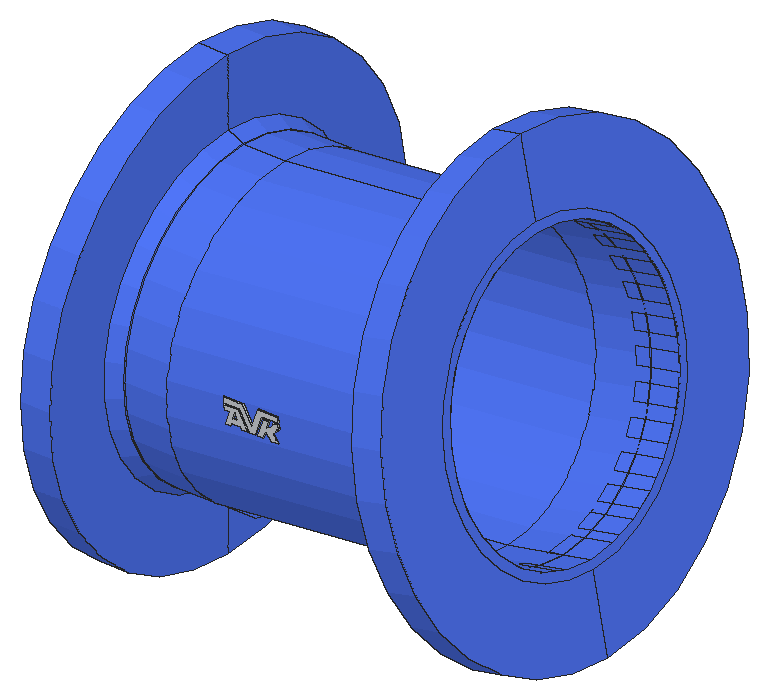
Revit family "712-0120-001-DN250", category Pipe Accessories, Revit 2019
Family settings
  Round Connector Dimension = Use Diameter
  Part Type = Valve - Breaks Into
  Work Plane-Based = No
  Always vertical = Yes
  Cut with Voids When Loaded = No
  Shared = No
Parameters (values of type "DN250_PN10/16")
  Rf_Dia = 159.5 mm
  RF_Thick = 4 mm
  L_Ref = 120 mm
  L = 165 mm  # constant formula
  ID(Radius) = [Nominal Diameter(DN)] / 2  # 125 mm
  Flange_thickness = 26 mm  # constant formula
  Nominal Diameter(DN) = 250 mm
  FOD = 200 mm
  URL product pages = "https://www.avkvalves.com/P.aspx?no=712025001200"
  Description_ = "AVK FLANGED BEND 11.25° W/LOOSE FLANGES"
  DN250_PN16 = "712-0250-01-201"
  DN250_PN10/16 = yes
  DN250_PN10 = "712-0250-01-200"
  Body_wallthickness = 15 mm + [Nominal Diameter(DN)]  # 265 mm
  A = 11.25°  # constant formula
Reference planes
  plane 1 "Center (Front/Back)": y = 0
  plane 2: z = 0
  plane 3 "Center (Left/Right)": x = 0
  plane 4: x = 165
  plane 5: through (161.359, -1524, 18.304) normal (0.9808, 0, 0.1951)
  plane 6: through (323.189, -1524, 50.494) normal (0.9808, 0, 0.1951)
  plane 7: through (165, -1524, 0) normal (-0.1951, 0, 0.9808)
  plane 8: z = -150
  plane 9: x = 51
  plane 10: z = -160
Forms (mm)
  Sweep 1, solid, material "Plastic"
    path origin (0, 0, 0) x (1, 0, 0) y (0, 0, -1)
      loop
        line (0, 0) -> (76.358, 0)
        arc (76.358, 0) -> (164.573, -4.334) -> (251.939, -17.293) r 900
        line (251.939, -17.293) -> (326.83, -32.19)
    profile origin (38.179, 0, 0) x (0, 0, 1) y (0, -1, 0)
      loop
        circle (0, 0) r 125
      loop
        circle (0, 0) r 132.5
  Revolve 2, solid, material "Plastic"
    sketch origin (0, 0, 0) x (1, 0, 0) y (0, 0, -1)
      loop
        line (0, 125) -> (26, 125) -> (26, 200) -> (0, 200) -> (0, 125)
      axis (0, 0) -> (26, 0)
    angle from 0 to 360
  Revolve 3, solid, material "Plastic"
    sketch origin (0, 0, 0) x (1, 0, 0) y (0, 0, -1)
      loop
        line (351.216, 90.408) -> (365.848, 163.967) -> (340.347, 169.04) -> (325.715, 95.481) -> (351.216, 90.408)
      axis (301.329, -27.118) -> (326.83, -32.19)
    angle from 0 to 360
  Revolve 4, solid, material "Plastic"
    sketch origin (0, 0, 0) x (1, 0, 0) y (0, 0, -1)
      loop
        line (26, 125) -> (38.99, 125) -> (38.99, 132.799) -> (26, 140) -> (26, 125)
      axis (26, 0) -> (38.99, 0)
    angle from 0 to 360
  Revolve 5, solid, material "Plastic"
    sketch origin (0, 0, 0) x (1, 0, 0) y (0, 0, -1)
      loop
        line (325.715, 95.481) -> (328.642, 110.192) -> (314.72, 105.936) -> (313.138, 97.982) -> (325.715, 95.481)
      axis (288.752, -24.616) -> (301.329, -27.118)
    angle from 0 to 360
  Extrusion 6, solid, material "Plastic"
    sketch origin (0, 0, 0) x (1, 0, 0) y (0, 0, 1)
      loop
        line (26, -125) -> (26, -160) -> (51, -160)
        arc (51, -160) -> (58.071, -157.071) -> (61, -150) r 10
        line (61, -150) -> (61, -125) -> (26, -125)
      loop
        circle (44.976, -144.621) r 6.768
    from -4.182 to 4.182
Dimensions and locks
  "L": plane 4 to plane 3 "Center (Left/Right)"
  "L": plane 5 to Sweep 1
  "Flange_thickness": Revolve 2 sketch curve to plane 3 "Center (Left/Right)"
  "ID(Radius)": Revolve 3 sketch curve to plane 7
  "FOD": Revolve 3 sketch curve to plane 7
  "Flange_thickness": Revolve 3 sketch curve to Revolve 3 sketch curve
  locked: Revolve 2 to Revolve 4 sketch curve at 12.99
  locked: Revolve 5 sketch curve to plane 7 at 125
  locked: Revolve 5 sketch curve to plane 7 at 140
  locked: Revolve 5 sketch curve to Revolve 3 at 12.824
  locked: level to Extrusion 6 sketch curve at 125
  locked: level to Extrusion 6 sketch curve at 160
  locked: Extrusion 6 sketch curve to Revolve 2 at 61
  equal spacing: Extrusion 6, plane 1 "Center (Front/Back)", Extrusion 6
  locked: Extrusion 6 to Extrusion 6 at 8.363
  locked: Revolve 5 sketch curve to plane 7 at 133.11
  "ID(Radius)": radius of Sweep 1 sketch curve
  "Body_wallthickness": diameter of Sweep 1 sketch curve
  "A": angle plane 4 to plane 5
  aligned and locked: level to plane 2
  aligned and locked: Sweep 1 sketch curve to plane 3 "Center (Left/Right)"
  aligned and locked: plane 6 to Sweep 1 sketch curve
  aligned and locked: Revolve 2 sketch curve to Sweep 1
  aligned and locked: Revolve 3 sketch curve to Sweep 1
  aligned and locked: plane 7 to Revolve 3 sketch curve
  aligned and locked: plane 7 to Revolve 5 sketch curve
  aligned and locked: Revolve 2 to Extrusion 6 sketch curve
  aligned and locked: plane 9 to Extrusion 6 sketch curve
  aligned and locked: plane 8 to Extrusion 6 sketch curve
Automatic sketch dimensions
  Sweep 1 sketch curve to plane 7 = 0 mm  (x2)
  Sweep 1 sketch curve to plane 3 "Center (Left/Right)" = 76.358 mm
  Sweep 1 sketch curve to Sweep 1 sketch curve = 74.891 mm
  Sweep 1 sketch curve to Sweep 1 sketch curve = 882.707 mm
  Extrusion 6 sketch curve to Extrusion 6 sketch curve = 6.024 mm
  Extrusion 6 sketch curve to Extrusion 6 sketch curve = 5.379 mm
  Revolve 4 sketch curve to level = 0 mm
  Revolve 4 sketch curve to Revolve 4 sketch curve = 12.99 mm
  level to Revolve 4 sketch curve = 125 mm
  Revolve 4 sketch curve to Revolve 4 sketch curve = 15 mm
  Revolve 4 sketch curve to plane 3 "Center (Left/Right)" = 16 mm
  Revolve 4 sketch curve to Revolve 4 sketch curve = 35 mm
  Revolve 4 sketch curve to Revolve 4 sketch curve = 7.799 mm
  level to Revolve 5 sketch curve = 95.481 mm
  Revolve 5 sketch curve to level = 24.616 mm
  Revolve 5 sketch curve to level = 29.493 mm
  Sweep 1 sketch curve to Sweep 1 sketch curve = 0 mm  (x2)
  Sweep 1 sketch curve to plane 1 "Center (Front/Back)" = 0 mm
  profile plane to Sweep 1 sketch curve = 0 mm
  Revolve 2 sketch curve to level = 0 mm
  level to Revolve 2 sketch curve = 125 mm
  Revolve 2 sketch curve to Revolve 2 sketch curve = 75 mm
  plane 3 "Center (Left/Right)" to Revolve 2 sketch curve = 34.784 mm
  Revolve 2 sketch curve to plane 3 "Center (Left/Right)" = 75.216 mm
  Revolve 3 sketch curve to plane 6 = 0 mm
  Revolve 3 sketch curve to level = 22.24 mm
  radius of Extrusion 6 sketch curve = 6.768 mm
Nested families
  nested 1: "LOGO L" at (154.89, -131.677, -11.37) x (1, 0.0095, 0.0011) z (0.0096, -0.9938, -0.1109), type "LOGO L"
Connectors
  piping at (326.83, 0, 32.19), diameter 250, driven by "Nominal Diameter(DN)"
    settings: on Revolve 3, index 1, connector inside diameter 609.6 mm, connector length 0 mm, flow factor 0, pipe flow 0.0 L/s, pressure drop 0.0 Pa, fitting loss kfactor 0, connector angle 0.00°, fixture units 0, engagement length 0 mm, angle of deflection 0.00°, flow configuration 0, flow direction 0, fitting loss method 0, system type 7, joint type 0, gender type 0, connector reference index -1, connector utility 0, adjustable connector no, is connector primary yes, connector description ""
  piping at (0, 0, 0), diameter 250, driven by "Nominal Diameter(DN)"
    settings: on Revolve 2, index 2, connector inside diameter 609.6 mm, connector length 0 mm, flow factor 0, pipe flow 0.0 L/s, pressure drop 0.0 Pa, fitting loss kfactor 0, connector angle 0.00°, fixture units 0, engagement length 0 mm, angle of deflection 0.00°, flow configuration 0, flow direction 0, fitting loss method 0, system type 7, joint type 0, gender type 0, connector reference index -1, connector utility 0, adjustable connector no, is connector primary no, connector description ""
Definition of nested family "LOGO L"
  Parameters (values of type "LOGO L")
    Default Elevation = 1219.2 mm
  Reference planes
    plane 1 "Center (Front/Back)": y = 0
    plane 2: z = 0
    plane 3 "Center (Left/Right)": x = 0
  Forms (mm)
    Extrusion 1, solid
      sketch origin (0, 0, 0) x (1, 0, 0) y (0, 1, 0)
        loop
          line (-1219.2, 1219.2) -> (-1219.2, -1219.2) -> (1219.2, -1219.2) -> (1219.2, 1219.2) -> (-1219.2, 1219.2)
      from 0 to -304.8
    Extrusion 2, solid
      sketch origin (0, 0, 0) x (1, 0, 0) y (0, 1, 0)
        loop
          line (-6.514, 34.224) -> (-24, 34.224) -> (-24, 29.481) -> (-9.766, 29.481) -> (-2.391, 11.367) -> (2.391, 11.367) -> (9.766, 29.481) -> (24, 29.481) -> (24, 34.224) -> (6.514, 34.224) -> (0, 18.224) -> (-6.514, 34.224)
        loop
          line (-10.996, 27.653) -> (-24, 27.653) -> (-24, 23.081) -> (-19.503, 23.081) -> (-24, 11.367) -> (-18.92, 11.367) -> (-17.955, 13.881) -> (-10.51, 13.881) -> (-9.486, 11.367) -> (-4.365, 11.367) -> (-10.996, 27.653)
        loop
          line (-16.777, 18.224) -> (-12.278, 18.224) -> (-14.594, 23.912) -> (-16.777, 18.224)
        loop
          line (4.365, 11.367) -> (9.486, 11.367) -> (12.093, 17.77) -> (16.918, 11.367) -> (22.857, 11.367) -> (17.399, 18.61)
          arc (17.399, 18.61) -> (20.583, 20.18) -> (22.629, 23.081) r 7.2
          line (22.629, 23.081) -> (24, 23.081) -> (24, 27.653) -> (19.429, 27.653)
          arc (19.429, 27.653) -> (17.763, 23.526) -> (13.699, 21.714) r 5.943
          line (13.699, 21.714) -> (16.117, 27.653) -> (10.996, 27.653) -> (4.365, 11.367)
      from 0 to 1
  Dimensions and locks
    aligned and locked: plane 2 to Extrusion 1
    aligned and locked: level to Extrusion 1
    aligned and locked: Extrusion 2 sketch curve to import instance
